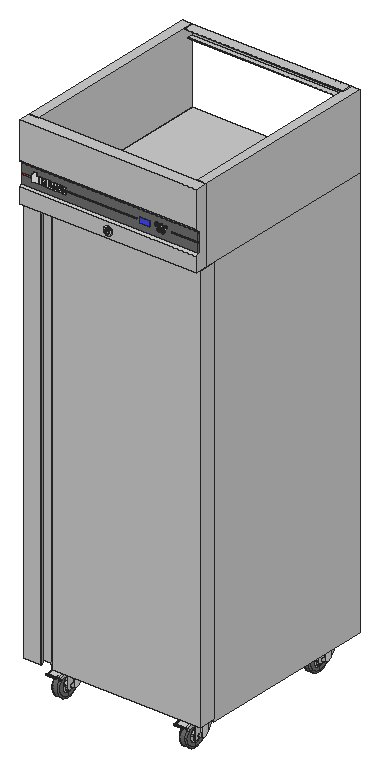
Revit family "QF_INOMAK_CAP172_250513075105", category Specialty Equipment, Revit 2021
Family settings
  Round Connector Dimension = Use Diameter
  Part Type = Normal
  OmniClass Number = 23.40.40.14
  OmniClass Title = Food Service Equipment
  Work Plane-Based = No
  Always vertical = Yes
  Cut with Voids When Loaded = No
  Shared = No
  Room Calculation Point = No
Parameters (values of type "CAP172")
  Weight [instance] = 125.00 kg
  Warranty Start Date [instance] = ""
  Warranty Duration [instance] = ""
  Volts [instance] = 230 V
  Volt Free Conn [instance] = no
  URL Recommended Spares List [instance] = ""
  URL Manufacturer [instance] = ""
  URL Cutsheet [instance] = ""
  URL Critical Spares List [instance] = ""
  URL = "www.inomak.com"
  Technical Documentation [instance] = ""
  Tag Number [instance] = ""
  Status [instance] = ""
  Start Up Current [instance] = 0 A
  Specification by User [instance] = ""
  Specification by Manufacturer [instance] = ""
  Sound Level [instance] = ""
  Show Logo [instance] = yes
  Show Clearances [instance] = yes
  Service Life Duration [instance] = ""
  Serial Number [instance] = ""
  Seismic Rating [instance] = ""
  SMACNA No [instance] = ""
  Revision Code [instance] = ""
  Revision [instance] = ""
  Production Year [instance] = ""
  Potential Equalisation [instance] = no
  Point Load [instance] = 0
  Phase [instance] = 1
  Other Equipment Approvals [instance] = ""
  Operational Current [instance] = 0 A
  Number of Poles [instance] = 2
  No Load Power Draw [instance] = no
  NAFEM Spec ID Number [instance] = ""
  Model Warning [instance] = ""
  Model = "CAP172"
  Min Ckt Ampacity [instance] = 0 A
  Max Overcurrent Protection [instance] = 10 A
  Masterspec [instance] = ""
  Manufacturer = "INOMAK"
  Main switch integrated [instance] = no
  Length Actual [instance] = 720 mm
  Item Number [instance] = ""
  Installed By [instance] = ""
  Installation Date [instance] = ""
  Identify Quantity as Lot [instance] = no
  ID [instance] = ""
  Hygiene Approval [instance] = ""
  Height Actual [instance] = 2100 mm
  HP power [instance] = ""
  Furnished By [instance] = ""
  Foodservice Equipment Identifier [instance] = no
  FL Amps [instance] = 4.5 A
  Electrical Remarks [instance] = ""
  Electric power [instance] = 560 W
  Electric Connection Type [instance] = ""
  Elec Conn RI Height [instance] = 0 mm
  Elec Conn Connection Height [instance] = 0 mm
  ETL Approved [instance] = no
  Description = "CYPRESS CHILLER CABINET WITH 1 GN 2/1 DOOR"
  Depth Actual [instance] = 868 mm
  Default Elevation = 0 mm
  Cycle [instance] = 50 Hz
  Cost = 0
  Connection to energy optimisation system [instance] = yes
  Conn Plug [instance] = ""
  Conn Conduit [instance] = no
  Centralized building control system with digital interface [instance] = ""
  CSI MasterFormat [instance] = ""
  CE Approved [instance] = no
  Barcode [instance] = 0
  Author [instance] = ""
  Asset Identifier [instance] = ""
  Apparent Power [instance] = 560 VA
  Accessory [instance] = no
Reference planes
  plane 1 "Center (Front/Back)": y = 0
  plane 2: z = 0
  plane 3 "Center (Left/Right)": x = 0
Forms (mm)
  Extrusion 1, solid, not visible
    sketch origin (590.029, -2, 1930.094) x (1, 0, 0) y (0, 1, 0)
      loop
        line (-2, 2) -> (-2, -2) -> (2, -2) -> (2, 2) -> (-2, 2)
    from -2 to 2
Dimensions and locks
  locked: Extrusion 1 to nested 2
  locked: nested 2 to Extrusion 1 at 2
  aligned and locked: level to plane 2
Nested families
  nested 1: "QF_INOMAK_REF_CABINETS_172_2920" at (0, 0, 130), type "CAP172"
    with Weight 125.00 kg, Warranty Start Date "", Warranty Duration "", URL Cutsheet "", Technical Documentation "", Tag Number "", Status "", Specification by User "", Specification by Manufacturer "", Sound Level "", Solid Fuel Type "", Show Clearances yes, Service Life Duration "", Serial Number "", Seismic Rating "", SMACNA No "", Revision Code "", Revision "", Production Year "", Point Load 0, Other Equipment Approvals "", NAFEM Spec ID Number "", Model Warning "", Masterspec "", Length Actual 720 mm, Item Number "", Installed By "", Installation Date "", Identify Quantity as Lot yes, ID "", Hygiene Approval "", Height Actual 2100 mm, Furnished By "", Foodservice Equipment Identifier yes, Finish none, ETL Approved yes, Depth Actual 868 mm, CSI MasterFormat "", CE Approved yes, Barcode "", Author "", Asset Identifier "", Accessory no
  nested 2: "CONN_POINT_ELE_2D___Generic_Annotation" at (590.029, 0, 1930.094), type "CONN_POINT_ELE_2D___Generic_Annotation"
    with Onboard connection annotation symbol visibility yes
  nested 3: "QF_INOMAK_C172-DR-RX_4567" at (0, -832, 130), type "C172-DR-RX"
    with Weight 0.00 kg, Warranty Start Date "", Warranty Duration "", URL Cutsheet "", Technical Documentation "", Tag Number "", Status "", Specification by User "", Specification by Manufacturer "", Sound Level "", Solid Fuel Type "", Show Logo yes, Show Clearances yes, Show Clearance yes, Service Life Duration "", Serial Number "", Seismic Rating "", SMACNA No "", Revision Code "", Revision "", Production Year "", Point Load 0, Other Equipment Approvals "", NAFEM Spec ID Number "", Model Warning "", Masterspec "", Length Actual 720 mm, Item Number "", Installed By "", Installation Date "", Identify Quantity as Lot yes, ID "", Hygiene Approval "", Height Actual 1982 mm, Furnished By "", Foodservice Equipment Identifier yes, Finish none, ETL Approved yes, Depth Actual 70 mm, CSI MasterFormat "", CE Approved yes, Barcode "", Author "", Asset Identifier "", Accessory yes
  nested 4: "QF_INOMAK_CASTORS_5439" at (0, 0, 0), type "CT-720-830"
    with Weight 0.00 kg, Warranty Start Date "", Warranty Duration "", URL Cutsheet "", Technical Documentation "", Tag Number "", Status "", Specification by User "", Specification by Manufacturer "", Sound Level "", Solid Fuel Type "", Show Logo yes, Show Clearances yes, Service Life Duration "", Serial Number "", Seismic Rating "", SMACNA No "", Revision Code "", Revision "", Production Year "", Point Load 0, Other Equipment Approvals "", NAFEM Spec ID Number "", Model Warning "", Masterspec "", Length Actual 720 mm, Item Number "", Installed By "", Installation Date "", Identify Quantity as Lot yes, ID "", Hygiene Approval "", Height Actual 130 mm, Furnished By "", Foodservice Equipment Identifier yes, ETL Approved yes, Depth Actual 830 mm, CSI MasterFormat "", CE Approved yes, Barcode "", Author "", Asset Identifier "", Accessory yes
Connectors
  electrical at (590.029, 0, 1930.094), driven by "Apparent Power", driven by "Number of Poles", driven by "Volts"
    settings: on Extrusion 1, index 1, voltage 230 V, apparent load 0 VA, apparent load phase1 560 VA, apparent load phase2 0 VA, apparent load phase3 0 VA, power factor 1, load classification "Other", number of poles 2, system type 31, power factor state 1, is connector primary yes, connector utility no, sub classification motor no, connector description "Electrical connection for CAP172"
Definition of nested family "QF_INOMAK_REF_CABINETS_172_2920"
  Parameters (values of type "CAP172-GL")
    Weight [instance] = 0.00 kg
    Warranty Start Date [instance] = ""
    Warranty Duration [instance] = ""
    URL Cutsheet [instance] = ""
    URL = "www.inomak.com"
    Technical Documentation [instance] = ""
    Tag Number [instance] = ""
    Status [instance] = ""
    Specification by User [instance] = ""
    Specification by Manufacturer [instance] = ""
    Sound Level [instance] = ""
    Solid Fuel Type [instance] = ""
    Show Logo = yes
    Show Clearances [instance] = yes
    Service Life Duration [instance] = ""
    Serial Number [instance] = ""
    Seismic Rating [instance] = ""
    SMACNA No [instance] = ""
    Revision Code [instance] = ""
    Revision [instance] = ""
    Production Year [instance] = ""
    Point Load [instance] = 0
    Other Equipment Approvals [instance] = ""
    NAFEM Spec ID Number [instance] = ""
    Model Warning [instance] = ""
    Model = "CAP172/GL"
    Masterspec [instance] = ""
    Manufacturer = "INOMAK"
    Length Actual [instance] = 0 mm
    Length = 720 mm
    Item Number [instance] = ""
    Installed By [instance] = ""
    Installation Date [instance] = ""
    Identify Quantity as Lot [instance] = yes
    ID [instance] = ""
    Hygiene Approval [instance] = ""
    Height Actual [instance] = 0 mm
    Height = 1985 mm
    Furnished By [instance] = ""
    Foodservice Equipment Identifier [instance] = yes
    Finish [instance] = none
    ETL Approved [instance] = yes
    Description = "PRUNUS CHILLER CABINET WITH 1 GN 2/1 GLASS DOOR"
    Depth Actual [instance] = 0 mm
    Depth = 824 mm
    Default Elevation = 0 mm
    CSI MasterFormat [instance] = ""
    CE Approved [instance] = yes
    Barcode [instance] = ""
    Author [instance] = ""
    Asset Identifier [instance] = ""
    Assembly Code = "E1090320"
    Accessory [instance] = yes
  Types (8, lengths in mm): name | Model | Description | Depth
    CAP172 | "CAP172" | "CYPRESS CHILLER CABINET WITH 1 GN 2/1 DOOR" | 832
    CAP172-GL | "CAP172/GL" | "PRUNUS CHILLER CABINET WITH 1 GN 2/1 GLASS DOOR" | 824
    CBP172-GL | "CBP172/GL" | "PRUNUS FREEZER CABINET WITH 1 GN 2/1 GLASS DOOR" | 824
    CBP172 | "CBP172" | "CASTANEA FREEZER CABINET WITH 1 GN 2/1 DOOR" | 832
    CAP172-SL | "CAP172/SL" | "CLOVER CHILLER CABINET WITH 1 DOOR, COMPACT DIMENSIONS" | 732
    CBP172-SL | "CBP172/SL" | "CLOVER FREEZER CABINET WITH 1 DOOR, COMPACT DIMENSIONS" | 732
    CAP172-SL-GL | "CAP172/SL/GL" | "PRUNUS CHILLER CABINET WITH 1 GLASS DOOR, COMPACT DIMENSIONS" | 724
    CBP172-SL-GL | "CBP172/SL/GL" | "PRUNUS FREEZER CABINET WITH 1 GLASS DOOR, COMPACT DIMENSIONS" | 724
  Reference planes
    plane 1 "Back": y = 0
    plane 2: z = 0
    plane 3 "Left": x = 0
    plane 4 "Right": x = 720
    plane 5 "Front": y = -824
    plane 6 "Top": z = 1985
  Forms (mm)
    Extrusion 1, solid
      sketch origin (-1732.685, -824, 3995) x (-1, 0, 0) y (0, 0, 1)
        loop
          circle (-2284.815, -2199.02) r 6.965
        loop
          circle (-2301.846, -2199.02) r 6.965
        loop
          circle (-2318.855, -2199.02) r 6.965
        loop
          circle (-2293.341, -2217.021) r 6.965
        loop
          circle (-2310.35, -2217.021) r 6.965
        loop
          circle (-2284.815, -2199.02) r 3.965
        loop
          circle (-2301.846, -2199.02) r 3.965
        loop
          circle (-2318.855, -2199.02) r 3.965
        loop
          circle (-2293.341, -2217.021) r 3.965
        loop
          circle (-2310.35, -2217.021) r 3.965
      from 7.3 to 10.302
    Extrusion 2, solid
      sketch origin (-1732.685, -824, 3995) x (-1, 0, 0) y (0, 0, 1)
        loop
          line (-2257.026, -2195.289) -> (-2257.026, -2218.289) -> (-2217.026, -2218.289) -> (-2217.026, -2195.289) -> (-2257.026, -2195.289)
      from 7.3 to 10.302
    Extrusion 3, solid
      sketch origin (-1732.685, -824, 3995) x (-1, 0, 0) y (0, 0, 1)
        loop
          line (-1732.685, -2167.27) -> (-2452.685, -2167.27) -> (-2452.685, -2246.309) -> (-1732.685, -2246.309) -> (-1732.685, -2167.27)
      from 7.8 to 10.302
    Extrusion 4, solid, visible <- "Show Logo"
      sketch origin (-1732.685, -824, 3995) x (-1, 0, 0) y (0, 0, 1)
        loop
          line (-1776.745, -2194.74) -> (-1782.745, -2194.74) -> (-1782.745, -2183.633) -> (-1796.982, -2183.633) -> (-1796.982, -2194.74) -> (-1802.982, -2194.74) -> (-1802.982, -2220.99) -> (-1776.745, -2220.99) -> (-1776.745, -2194.74)
        loop
          line (-1807.298, -2195.052) -> (-1814.587, -2195.052) -> (-1814.587, -2220.99) -> (-1807.298, -2220.99) -> (-1807.298, -2195.052)
        loop
          line (-1817.107, -2220.99) -> (-1817.107, -2195.052) -> (-1823.94, -2195.052) -> (-1827.134, -2206.971) -> (-1827.134, -2195.052) -> (-1833.666, -2195.052) -> (-1833.666, -2220.99) -> (-1827.134, -2220.99) -> (-1823.42, -2207.127) -> (-1823.42, -2220.99) -> (-1817.107, -2220.99)
        loop
          line (-1854.348, -2220.99) -> (-1854.348, -2195.052) -> (-1863.311, -2195.052) -> (-1865.673, -2209.062) -> (-1868.035, -2195.052) -> (-1876.997, -2195.052) -> (-1876.997, -2220.99) -> (-1870.372, -2220.99) -> (-1870.372, -2207.127) -> (-1868.035, -2220.99) -> (-1863.311, -2220.99) -> (-1860.973, -2207.127) -> (-1860.973, -2220.99) -> (-1854.348, -2220.99)
        loop
          line (-1839.536, -2195.052) -> (-1848.861, -2195.052)
          arc (-1848.861, -2195.052) -> (-1851.458, -2196.128) -> (-1852.533, -2198.724) r 3.672
          line (-1852.533, -2198.724) -> (-1852.533, -2217.318)
          arc (-1852.533, -2217.318) -> (-1851.458, -2219.914) -> (-1848.861, -2220.99) r 3.672
          line (-1848.861, -2220.99) -> (-1839.536, -2220.99)
          arc (-1839.536, -2220.99) -> (-1836.939, -2219.914) -> (-1835.864, -2217.318) r 3.672
          line (-1835.864, -2217.318) -> (-1835.864, -2198.724)
          arc (-1835.864, -2198.724) -> (-1836.939, -2196.128) -> (-1839.536, -2195.052) r 3.672
        loop
          arc (-1843.172, -2198.208) -> (-1844.198, -2197.181) -> (-1845.225, -2198.208) r 1.027
          line (-1845.225, -2198.208) -> (-1845.225, -2216.801)
          arc (-1845.225, -2216.801) -> (-1844.198, -2217.828) -> (-1843.172, -2216.801) r 1.027
          line (-1843.172, -2216.801) -> (-1843.172, -2198.208)
        loop
          line (-1878.066, -2220.99) -> (-1882.439, -2195.052) -> (-1891.3, -2195.052) -> (-1895.673, -2220.99) -> (-1889.146, -2220.99) -> (-1888.536, -2216.027) -> (-1885.203, -2216.027) -> (-1884.593, -2220.99) -> (-1878.066, -2220.99)
        loop
          line (-1885.759, -2211.498) -> (-1886.87, -2202.452) -> (-1887.98, -2211.498) -> (-1885.759, -2211.498)
        loop
          line (-1896.638, -2220.99) -> (-1896.638, -2195.052) -> (-1903.263, -2195.052) -> (-1903.263, -2204.165) -> (-1906.049, -2195.052) -> (-1913.487, -2195.052) -> (-1909.159, -2206.329) -> (-1914.207, -2220.99) -> (-1906.623, -2220.99) -> (-1903.263, -2208.45) -> (-1903.263, -2220.99) -> (-1896.638, -2220.99)
      from 7.3 to 10.3
    Extrusion 5, solid
      sketch origin (-1732.685, -824, 3995) x (-1, 0, 0) y (0, 0, 1)
        loop
          line (-1732.685, -2204.789) -> (-1769.679, -2204.789) -> (-1769.679, -2208.789) -> (-1732.685, -2208.789) -> (-1732.685, -2204.789)
        loop
          line (-1918.161, -2204.789) -> (-2202.526, -2204.789) -> (-2202.526, -2208.789) -> (-1918.161, -2208.789) -> (-1918.161, -2204.789)
        loop
          line (-2452.685, -2204.789) -> (-2452.685, -2208.789) -> (-2344.916, -2208.789) -> (-2344.916, -2204.789) -> (-2452.685, -2204.789)
      from 7.3 to 10.302
    Extrusion 6, solid, material <- "Finish"
      sketch origin (0, 24.612, -1982) x (0, 1, 0) y (0, 0, 1)
        loop
          line (-848.612, 3967) -> (-848.612, 3818.032) -> (-840.31, 3809.73) -> (-840.31, 3730.691) -> (-848.612, 3722.389) -> (-848.612, 3662) -> (-798.612, 3662) -> (-798.612, 3967) -> (-848.612, 3967)
      from 0 to 720
    Extrusion 7, solid, material <- "Finish"
      sketch origin (0, 0, 1985) x (0, 1, 0) y (-1, 0, 0)
        loop
          line (-774, 0) -> (-774, -35) -> (0, -35) -> (0, 0) -> (-774, 0)
      from 0 to -305
    Extrusion 8, solid, material <- "Finish"
      sketch origin (0, 0, 1985) x (0, 1, 0) y (-1, 0, 0)
        loop
          line (-774, -720) -> (0, -720) -> (0, -685) -> (-774, -685) -> (-774, -720)
      from 0 to -305
    Extrusion 9, solid, material <- "Finish"
      sketch origin (0, 24.612, -1987) x (0, 1, 0) y (0, 0, 1)
        loop
          line (-798.612, 3863.915) -> (-798.612, 3667) -> (-678.934, 3667) -> (-678.934, 3744.237) -> (-798.612, 3863.915)
      from 35 to 685
    Extrusion 10, solid, material <- "Finish"
      sketch origin (0, 24.612, -123) x (0, 1, 0) y (0, 0, 1)
        loop
          line (-675.378, 1910.946) -> (-690.935, 1926.502) -> (-709.143, 1908.294) -> (-707.729, 1906.88) -> (-690.935, 1923.674) -> (-676.793, 1909.532) -> (-675.378, 1910.946)
      from 114.953 to 225
    Extrusion 11, solid, material <- "Finish"
      sketch origin (394.212, 24.612, -123) x (0, 1, 0) y (0, 0, 1)
        loop
          line (-675.378, 1910.946) -> (-690.935, 1926.502) -> (-709.143, 1908.294) -> (-707.729, 1906.88) -> (-690.935, 1923.674) -> (-676.793, 1909.532) -> (-675.378, 1910.946)
      from 114.953 to 225
    Extrusion 12, solid, material <- "Finish"
      sketch origin (0, 30.903, -1982) x (0, 1, 0) y (0, 0, 1)
        loop
          line (-30.903, 3967) -> (-70.903, 3967) -> (-70.903, 3965) -> (-32.903, 3965) -> (-32.903, 3929) -> (-55.903, 3929) -> (-55.903, 3927) -> (-30.903, 3927) -> (-30.903, 3967)
      from 35 to 685
    Extrusion 13, solid, material <- "Finish"
      sketch origin (0, 30.903, -118) x (0, 1, 0) y (0, 0, 1)
        loop
          line (-30.903, 1798) -> (-764.903, 1798) -> (-764.903, 1733) -> (-100.876, 1733) -> (-100.876, 191) -> (-764.903, 191) -> (-764.903, 118) -> (-30.903, 118) -> (-30.903, 1798)
      from 35 to 685
    Extrusion 14, solid, material <- "Finish"
      sketch origin (0, 0, 0) x (1, 0, 0) y (0, 1, 0)
        loop
          line (0, -734) -> (35, -734) -> (35, 0) -> (0, 0) -> (0, -734)
      from 0 to 1680
    Extrusion 15, solid, material <- "Finish"
      sketch origin (0, 0, 0) x (1, 0, 0) y (0, 1, 0)
        loop
          line (720, -734) -> (720, 0) -> (685, 0) -> (685, -734) -> (720, -734)
      from 0 to 1680
    Revolve 16, solid
      sketch origin (358.942, 24.612, -1987) x (0, 1, 0) y (0, 0, 1)
        loop
          line (-851.012, 3694.152) -> (-848.612, 3694.152) -> (-848.612, 3711.145) -> (-849.612, 3711.145) -> (-853.012, 3706.633) -> (-853.012, 3702.998) -> (-851.012, 3702.998) -> (-851.012, 3694.152)
        axis (-848.612, 3694.152) -> (-853.012, 3694.152)
      angle from 0 to 360
    Extrusion 17, solid
      sketch origin (-1732.685, -824, 3995) x (-1, 0, 0) y (0, 0, 1)
        loop
          line (-2090.827, -2284.348) -> (-2092.827, -2284.348) -> (-2092.827, -2291.348) -> (-2090.827, -2291.348) -> (-2090.827, -2284.348)
        loop
          circle (-2091.627, -2287.848) r 7.846
      from -4.4 to -2.4
    Extrusion 18, solid, material <- "Finish"
      sketch origin (0, 30.903, -118) x (1, 0, 0) y (0, 1, 0)
        loop
          line (187, 5.097) -> (187, -29.903) -> (175, -29.903) -> (175, -30.903) -> (545, -30.903) -> (545, -29.903) -> (533, -29.903) -> (533, 5.097) -> (187, 5.097)
      from 1156 to 1531
    Extrusion 19, solid, material <- "Finish"
      sketch origin (100, 30.903, -118) x (1, 0, 0) y (0, 1, 0)
        loop
          line (339, 0.097) -> (339, -29.903) -> (325, -29.903) -> (325, -30.903) -> (340, -30.903) -> (340, -0.903) -> (393, -0.903) -> (393, -30.903) -> (408, -30.903) -> (408, -29.903) -> (394, -29.903) -> (394, 0.097) -> (339, 0.097)
      from 1531 to 1793
  Lines and regions (mm)
    symbolic lines
      curve 1: line (0, 0, 0) -> (720, 0, 0)
      curve 2: line (0, -824, 0) -> (0, 0, 0)
      curve 3: line (720, -824, 0) -> (0, -824, 0)
      curve 4: line (720, 0, 0) -> (720, -824, 0)
      curve 5: line (187, 1, 0) -> (187, 36, 0)
      curve 6: line (187, 36, 0) -> (533, 36, 0)
      curve 7: line (533, 36, 0) -> (533, 1, 0)
      curve 8: line (35, 0, 0) -> (35, -774, 0)
      curve 9: line (35, -774, 0) -> (685, -774, 0)
      curve 10: line (685, -774, 0) -> (685, 0, 0)
      curve 11: line (35, -40, 0) -> (685, -40, 0)
      curve 12: line (35, -654.322, 0) -> (685, -654.322, 0)
      curve 13: line (187, 1, 0) -> (175, 1, 0)
      curve 14: line (175, 1, 0) -> (175, 0, 0)
      curve 15: line (533, 1, 0) -> (545, 1, 0)
      curve 16: line (545, 1, 0) -> (545, 0, 0)
      curve 17: line (425, 0, 0) -> (425, 1, 0)
      curve 18: line (425, 1, 0) -> (439, 1, 0)
      curve 19: line (439, 1, 0) -> (439, 31, 0)
      curve 20: line (439, 31, 0) -> (494, 31, 0)
      curve 21: line (494, 31, 0) -> (494, 1, 0)
      curve 22: line (494, 1, 0) -> (508, 1, 0)
      curve 23: line (508, 1, 0) -> (508, 0, 0)
  Dimensions and locks
    plane 3 "Left" to plane 4 "Right" = 720 mm
    "Depth": plane 5 "Front" to plane 1 "Back"
    "Height": plane 6 "Top" to level
    plane 6 "Top" to level = 1985 mm
    aligned and locked: level to plane 2
  Automatic sketch dimensions
    Extrusion 1 sketch curve to Extrusion 1 sketch curve = 0 mm  (x13)
    plane 4 "Right" to Extrusion 1 sketch curve = 133.83 mm
    Extrusion 1 sketch curve to Extrusion 1 sketch curve = 8.505 mm
    Extrusion 1 sketch curve to Extrusion 1 sketch curve = 17.009 mm  (x2)
    Extrusion 1 sketch curve to Extrusion 1 sketch curve = 17.03 mm
    Extrusion 1 sketch curve to plane 6 "Top" = 207.021 mm
    Extrusion 1 sketch curve to Extrusion 1 sketch curve = 18.001 mm
    plane 4 "Right" to Extrusion 2 sketch curve = 195.659 mm
    Extrusion 2 sketch curve to Extrusion 2 sketch curve = 40 mm
    Extrusion 2 sketch curve to plane 6 "Top" = 208.289 mm
    Extrusion 2 sketch curve to Extrusion 2 sketch curve = 23 mm
    plane 4 "Right" to Extrusion 3 sketch curve = 0 mm
    Extrusion 3 sketch curve to plane 3 "Left" = 0 mm
    Extrusion 3 sketch curve to plane 6 "Top" = 236.309 mm
    Extrusion 3 sketch curve to Extrusion 3 sketch curve = 79.039 mm
    plane 3 "Left" to Extrusion 4 sketch curve = 181.522 mm
    Extrusion 4 sketch curve to Extrusion 4 sketch curve = 0.72 mm
    Extrusion 4 sketch curve to Extrusion 4 sketch curve = 4.329 mm
    Extrusion 4 sketch curve to Extrusion 4 sketch curve = 7.584 mm
    Extrusion 4 sketch curve to Extrusion 4 sketch curve = 7.438 mm
    Extrusion 4 sketch curve to Extrusion 4 sketch curve = 5.895 mm
    Extrusion 4 sketch curve to Extrusion 4 sketch curve = 0 mm  (x16)
    Extrusion 4 sketch curve to Extrusion 4 sketch curve = 6.625 mm  (x2)
    Extrusion 4 sketch curve to Extrusion 4 sketch curve = 0.965 mm
    Extrusion 4 sketch curve to Extrusion 4 sketch curve = 5.338 mm
    Extrusion 4 sketch curve to Extrusion 4 sketch curve = 6.527 mm  (x2)
    Extrusion 4 sketch curve to Extrusion 4 sketch curve = 0.609 mm
    Extrusion 4 sketch curve to Extrusion 4 sketch curve = 0.556 mm
    Extrusion 4 sketch curve to Extrusion 4 sketch curve = 4.43 mm  (x2)
    Extrusion 4 sketch curve to Extrusion 4 sketch curve = 2.222 mm
    Extrusion 4 sketch curve to Extrusion 4 sketch curve = 3.334 mm
    Extrusion 4 sketch curve to Extrusion 4 sketch curve = 4.552 mm
    Extrusion 4 sketch curve to Extrusion 4 sketch curve = 1.069 mm
    Extrusion 4 sketch curve to Extrusion 4 sketch curve = 8.962 mm  (x2)
    Extrusion 4 sketch curve to Extrusion 4 sketch curve = 2.337 mm
    Extrusion 4 sketch curve to Extrusion 4 sketch curve = 4.699 mm  (x2)
    Extrusion 4 sketch curve to Extrusion 4 sketch curve = 4.724 mm  (x2)
    Extrusion 4 sketch curve to Extrusion 4 sketch curve = 1.815 mm
    Extrusion 4 sketch curve to Extrusion 4 sketch curve = 3.672 mm  (x6)
    Extrusion 4 sketch curve to Extrusion 4 sketch curve = 3.636 mm  (x3)
    Extrusion 4 sketch curve to Extrusion 4 sketch curve = 1.027 mm
    Extrusion 4 sketch curve to Extrusion 4 sketch curve = 2.197 mm
    Extrusion 4 sketch curve to Extrusion 4 sketch curve = 6.532 mm  (x2)
    Extrusion 4 sketch curve to Extrusion 4 sketch curve = 3.194 mm
    Extrusion 4 sketch curve to Extrusion 4 sketch curve = 3.714 mm
    Extrusion 4 sketch curve to Extrusion 4 sketch curve = 6.312 mm
    Extrusion 4 sketch curve to Extrusion 4 sketch curve = 2.52 mm
    Extrusion 4 sketch curve to Extrusion 4 sketch curve = 7.29 mm
    Extrusion 4 sketch curve to Extrusion 4 sketch curve = 4.315 mm
    Extrusion 4 sketch curve to Extrusion 4 sketch curve = 6 mm
    Extrusion 4 sketch curve to Extrusion 4 sketch curve = 14.237 mm
    Extrusion 4 sketch curve to Extrusion 4 sketch curve = 26.237 mm
    Extrusion 4 sketch curve to plane 6 "Top" = 210.99 mm
    Extrusion 4 sketch curve to Extrusion 4 sketch curve = 0.516 mm  (x2)
    Extrusion 4 sketch curve to Extrusion 4 sketch curve = 4.963 mm
    Extrusion 4 sketch curve to Extrusion 4 sketch curve = 4.529 mm
    Extrusion 4 sketch curve to Extrusion 4 sketch curve = 11.927 mm
    Extrusion 4 sketch curve to Extrusion 4 sketch curve = 12.539 mm
    Extrusion 4 sketch curve to Extrusion 4 sketch curve = 1.935 mm  (x2)
    Extrusion 4 sketch curve to Extrusion 4 sketch curve = 13.862 mm
    Extrusion 4 sketch curve to Extrusion 4 sketch curve = 0.157 mm
    Extrusion 4 sketch curve to Extrusion 4 sketch curve = 2.122 mm
    Extrusion 4 sketch curve to Extrusion 4 sketch curve = 4.285 mm
    Extrusion 4 sketch curve to Extrusion 4 sketch curve = 9.047 mm
    Extrusion 4 sketch curve to Extrusion 4 sketch curve = 8.403 mm
    Extrusion 4 sketch curve to Extrusion 4 sketch curve = 12.075 mm
    Extrusion 4 sketch curve to Extrusion 4 sketch curve = 26.25 mm
    Extrusion 4 sketch curve to Extrusion 4 sketch curve = 0.312 mm
    Extrusion 4 sketch curve to Extrusion 4 sketch curve = 11.107 mm
    plane 4 "Right" to Extrusion 5 sketch curve = 0 mm
    Extrusion 5 sketch curve to plane 3 "Left" = 0 mm
    plane 4 "Right" to Extrusion 5 sketch curve = 107.768 mm
    Extrusion 5 sketch curve to Extrusion 5 sketch curve = 142.39 mm
    plane 3 "Left" to Extrusion 5 sketch curve = 185.476 mm
    plane 3 "Left" to Extrusion 5 sketch curve = 36.995 mm
    Extrusion 5 sketch curve to plane 6 "Top" = 198.789 mm
    Extrusion 5 sketch curve to Extrusion 5 sketch curve = 0 mm  (x2)
    Extrusion 5 sketch curve to Extrusion 5 sketch curve = 4 mm  (x3)
    Extrusion 6 sketch curve to plane 5 "Front" = 0 mm  (x2)
    Extrusion 6 sketch curve to plane 6 "Top" = 0 mm
    plane 5 "Front" to Extrusion 6 sketch curve = 8.302 mm
    Extrusion 6 sketch curve to Extrusion 6 sketch curve = 50 mm
    Extrusion 6 sketch curve to plane 6 "Top" = 148.968 mm
    Extrusion 6 sketch curve to Extrusion 6 sketch curve = 8.302 mm  (x2)
    Extrusion 6 sketch curve to Extrusion 6 sketch curve = 79.039 mm
    Extrusion 6 sketch curve to Extrusion 6 sketch curve = 60.389 mm
    Extrusion 7 sketch curve to plane 3 "Left" = 0 mm
    plane 1 "Back" to Extrusion 7 sketch curve = 0 mm
    plane 5 "Front" to Extrusion 7 sketch curve = 50 mm
    plane 3 "Left" to Extrusion 7 sketch curve = 35 mm
    Extrusion 8 sketch curve to plane 4 "Right" = 0 mm
    plane 1 "Back" to Extrusion 8 sketch curve = 0 mm
    plane 5 "Front" to Extrusion 8 sketch curve = 50 mm
    plane 4 "Right" to Extrusion 8 sketch curve = 35 mm
    plane 5 "Front" to Extrusion 9 sketch curve = 50 mm
    Extrusion 9 sketch curve to Extrusion 9 sketch curve = 119.678 mm
    Extrusion 9 sketch curve to plane 6 "Top" = 305 mm
    Extrusion 9 sketch curve to Extrusion 9 sketch curve = 77.237 mm
    Extrusion 9 sketch curve to plane 6 "Top" = 108.085 mm
    plane 5 "Front" to Extrusion 10 sketch curve = 139.47 mm
    Extrusion 10 sketch curve to Extrusion 10 sketch curve = 1.414 mm  (x2)
    Extrusion 10 sketch curve to Extrusion 10 sketch curve = 16.794 mm
    Extrusion 10 sketch curve to Extrusion 10 sketch curve = 0 mm
    Extrusion 10 sketch curve to Extrusion 10 sketch curve = 14.142 mm
    Extrusion 10 sketch curve to plane 6 "Top" = 201.12 mm
    plane 5 "Front" to Extrusion 11 sketch curve = 139.47 mm
    Extrusion 11 sketch curve to Extrusion 11 sketch curve = 1.414 mm  (x2)
    Extrusion 11 sketch curve to Extrusion 11 sketch curve = 16.794 mm
    Extrusion 11 sketch curve to Extrusion 11 sketch curve = 0 mm
    Extrusion 11 sketch curve to Extrusion 11 sketch curve = 14.142 mm
    Extrusion 11 sketch curve to plane 6 "Top" = 201.12 mm
    Extrusion 12 sketch curve to plane 6 "Top" = 0 mm
    Extrusion 12 sketch curve to plane 1 "Back" = 0 mm
    plane 1 "Back" to Extrusion 12 sketch curve = 2 mm
    Extrusion 12 sketch curve to Extrusion 12 sketch curve = 23 mm
    Extrusion 12 sketch curve to Extrusion 12 sketch curve = 38 mm
    Extrusion 12 sketch curve to plane 6 "Top" = 2 mm
    Extrusion 12 sketch curve to Extrusion 12 sketch curve = 36 mm
    Extrusion 12 sketch curve to Extrusion 12 sketch curve = 2 mm
    Extrusion 13 sketch curve to level = 0 mm
    Extrusion 13 sketch curve to plane 1 "Back" = 0 mm
    plane 1 "Back" to Extrusion 13 sketch curve = 69.973 mm
    plane 5 "Front" to Extrusion 13 sketch curve = 90 mm  (x2)
    level to Extrusion 13 sketch curve = 73 mm
    Extrusion 13 sketch curve to plane 6 "Top" = 370 mm
    Extrusion 13 sketch curve to Extrusion 13 sketch curve = 65 mm
    plane 1 "Back" to Extrusion 14 sketch curve = 0 mm
    Extrusion 14 sketch curve to plane 3 "Left" = 0 mm
    plane 3 "Left" to Extrusion 14 sketch curve = 35 mm
    plane 5 "Front" to Extrusion 14 sketch curve = 90 mm
    plane 1 "Back" to Extrusion 15 sketch curve = 0 mm
    Extrusion 15 sketch curve to plane 4 "Right" = 0 mm
    Extrusion 15 sketch curve to Extrusion 15 sketch curve = 35 mm
    plane 5 "Front" to Extrusion 15 sketch curve = 90 mm
    Revolve 16 sketch curve to plane 5 "Front" = 0 mm
    Revolve 16 sketch curve to plane 5 "Front" = 1 mm
    Revolve 16 sketch curve to plane 5 "Front" = 2.4 mm
    Revolve 16 sketch curve to Revolve 16 sketch curve = 2 mm
    Revolve 16 sketch curve to plane 6 "Top" = 277.848 mm
    Revolve 16 sketch curve to Revolve 16 sketch curve = 8.846 mm
    Revolve 16 sketch curve to Revolve 16 sketch curve = 3.635 mm
    Revolve 16 sketch curve to Revolve 16 sketch curve = 4.512 mm
    Revolve 16 sketch curve to Revolve 16 sketch curve = 0 mm  (x2)
    Revolve 16 sketch curve to Revolve 16 sketch curve = 4.096 mm
    plane 4 "Right" to Extrusion 17 sketch curve = 359.858 mm
    Extrusion 17 sketch curve to Extrusion 17 sketch curve = 1.2 mm
    Extrusion 17 sketch curve to Extrusion 17 sketch curve = 2 mm
    Extrusion 17 sketch curve to plane 6 "Top" = 281.348 mm
    Extrusion 17 sketch curve to Extrusion 17 sketch curve = 3.5 mm  (x2)
    plane 1 "Back" to Extrusion 18 sketch curve = 0 mm
    Extrusion 18 sketch curve to plane 1 "Back" = 1 mm  (x2)
    plane 3 "Left" to Extrusion 18 sketch curve = 175 mm
    Extrusion 18 sketch curve to Extrusion 18 sketch curve = 12 mm  (x2)
    Extrusion 18 sketch curve to plane 1 "Back" = 36 mm
    plane 4 "Right" to Extrusion 18 sketch curve = 187 mm
    plane 1 "Back" to Extrusion 19 sketch curve = 0 mm  (x2)
    Extrusion 19 sketch curve to plane 1 "Back" = 1 mm  (x2)
    plane 3 "Left" to Extrusion 19 sketch curve = 425 mm
    Extrusion 19 sketch curve to Extrusion 19 sketch curve = 14 mm  (x2)
    Extrusion 19 sketch curve to plane 1 "Back" = 31 mm
    plane 4 "Right" to Extrusion 19 sketch curve = 226 mm
    Extrusion 19 sketch curve to Extrusion 19 sketch curve = 1 mm  (x3)
    curve 3 to plane 3 "Left" = 0 mm
    plane 1 "Back" to curve 8 = 0 mm
    curve 3 to plane 4 "Right" = 0 mm
    curve 4 to plane 5 "Front" = 0 mm
    plane 3 "Left" to curve 9 = 35 mm
    curve 14 to plane 1 "Back" = 1 mm
    curve 8 to curve 14 = 140 mm
    curve 13 to curve 13 = 12 mm
    curve 17 to plane 1 "Back" = 1 mm
    curve 5 to curve 17 = 238 mm
    curve 17 to curve 19 = 14 mm
    curve 19 to curve 21 = 55 mm
    curve 20 to curve 7 = 39 mm
    curve 15 to plane 1 "Back" = 1 mm
    curve 7 to curve 15 = 12 mm
    plane 4 "Right" to curve 9 = 35 mm
    plane 5 "Front" to curve 9 = 50 mm
    curve 22 to plane 1 "Back" = 1 mm
    curve 18 to curve 20 = 30 mm
    curve 7 to curve 6 = 35 mm
    curve 21 to curve 22 = 14 mm
    curve 9 to curve 12 = 119.678 mm
    plane 1 "Back" to curve 11 = 40 mm
    radius of Extrusion 1 sketch curve = 6.965 mm  (x5)
    radius of Extrusion 1 sketch curve = 3.965 mm  (x5)
    radius of Extrusion 17 sketch curve = 7.846 mm
Definition of nested family "QF_INOMAK_C172-DR-RX_4567"
  Parameters (values of type "C172-DR-RX")
    Weight [instance] = 0.00 kg
    Warranty Start Date [instance] = ""
    Warranty Duration [instance] = ""
    URL Cutsheet [instance] = ""
    URL = "www.inomak.com"
    Technical Documentation [instance] = ""
    Tag Number [instance] = ""
    Status [instance] = ""
    Specification by User [instance] = ""
    Specification by Manufacturer [instance] = ""
    Sound Level [instance] = ""
    Solid Fuel Type [instance] = ""
    Show Logo [instance] = yes
    Show Clearances [instance] = yes
    Show Clearance [instance] = yes
    Service Life Duration [instance] = ""
    Serial Number [instance] = ""
    Seismic Rating [instance] = ""
    SMACNA No [instance] = ""
    Revision Code [instance] = ""
    Revision [instance] = ""
    Production Year [instance] = ""
    Point Load [instance] = 0
    Other Equipment Approvals [instance] = ""
    NAFEM Spec ID Number [instance] = ""
    Model Warning [instance] = ""
    Model = "C172-DR-RX"
    Masterspec [instance] = ""
    Manufacturer = "INOMAK"
    Length Actual [instance] = 0 mm
    Item Number [instance] = ""
    Installed By [instance] = ""
    Installation Date [instance] = ""
    Identify Quantity as Lot [instance] = yes
    ID [instance] = ""
    Hygiene Approval [instance] = ""
    Height Actual [instance] = 0 mm
    Furnished By [instance] = ""
    Foodservice Equipment Identifier [instance] = yes
    Finish [instance] = none
    ETL Approved [instance] = yes
    Description = "RIGHT HINGED DOOR"
    Depth Actual [instance] = 0 mm
    Default Elevation = 0 mm
    CSI MasterFormat [instance] = ""
    CE Approved [instance] = yes
    Barcode [instance] = ""
    Author [instance] = ""
    Asset Identifier [instance] = ""
    Assembly Code = "E1090320"
    Accessory [instance] = yes
  Reference planes
    plane 1 "Back": y = 0
    plane 2: z = 0
    plane 3 "Left": x = 0
    plane 4 "Right": x = 720
    plane 5 "Front": y = 90
    plane 6 "Top": z = 1682
  Forms (mm)
    Extrusion 1, solid, visible <- "Show Clearance", detail levels coarse
      sketch origin (-154.804, 650, -18) x (1, 0, 0) y (0, 1, 0)
        loop
          line (874.804, -1300) -> (874.804, -630) -> (154.804, -630)
          arc (154.804, -630) -> (341.042, -1099.619) -> (804.804, -1300) r 660.076
          line (804.804, -1300) -> (874.804, -1300)
      from 28 to 1695
    Extrusion 2, solid, material <- "Finish"
      sketch origin (692, 81.553, 1286.729) x (0, 1, 0) y (-1, 0, 0)
        loop
          line (-61.553, -28) -> (8.447, -28) -> (8.447, 692) -> (-61.553, 692) -> (-61.553, 622.228)
          arc (-61.553, 622.228) -> (-60.614, 620.603) -> (-58.737, 620.603) r 1.877
          line (-58.737, 620.603) -> (-49.238, 626.088) -> (-45.56, 652.255) -> (-31.678, 650.304) -> (-31.678, 605.437) -> (-61.553, 575.562) -> (-61.553, -28)
      from -1276.729 to 390.271
  Lines and regions (mm)
    symbolic lines, visible <- "Show Clearance"
      curve 1: line (650, -650, 0) -> (720, -650, 0)
      curve 2: line (720, -650, 0) -> (720, 0, 0)
      curve 3: arc (0, 0, 0) -> (193.256, -456.744, 0) -> (650, -650, 0) r 660.076
  Dimensions and locks
    plane 3 "Left" to plane 4 "Right" = 720 mm
    plane 1 "Back" to plane 5 "Front" = 90 mm
    plane 6 "Top" to plane 2 = 1682 mm
    aligned and locked: level to plane 2
Definition of nested family "QF_INOMAK_CASTORS_5439"
  Parameters (values of type "CT-1105-600")
    Weight [instance] = 0.00 kg
    Warranty Start Date [instance] = ""
    Warranty Duration [instance] = ""
    URL Cutsheet [instance] = ""
    URL = "www.inomak.com"
    Technical Documentation [instance] = ""
    Tag Number [instance] = ""
    Status [instance] = ""
    Specification by User [instance] = ""
    Specification by Manufacturer [instance] = ""
    Sound Level [instance] = ""
    Solid Fuel Type [instance] = ""
    Show Logo [instance] = yes
    Show Clearances [instance] = yes
    Service Life Duration [instance] = ""
    Serial Number [instance] = ""
    Seismic Rating [instance] = ""
    SMACNA No [instance] = ""
    Right offset = 300 mm
    Revision Code [instance] = ""
    Revision [instance] = ""
    Rear offset = 60 mm
    Production Year [instance] = ""
    Point Load [instance] = 0
    Other Equipment Approvals [instance] = ""
    NAFEM Spec ID Number [instance] = ""
    Model Warning [instance] = ""
    Model = "CT"
    Masterspec [instance] = ""
    Manufacturer = "INOMAK"
    Length Actual [instance] = 0 mm
    Length = 1103 mm
    Left offset = 60 mm
    Item Number [instance] = ""
    Installed By [instance] = ""
    Installation Date [instance] = ""
    Identify Quantity as Lot [instance] = yes
    ID [instance] = ""
    Hygiene Approval [instance] = ""
    Height Actual [instance] = 0 mm
    Height = 130 mm
    Furnished By [instance] = ""
    Front offset = 150 mm
    Foodservice Equipment Identifier [instance] = yes
    ETL Approved [instance] = yes
    Description = "WHEELS"
    Depth Actual [instance] = 0 mm
    Depth = 600 mm
    Default Elevation = 0 mm
    CentralLegs = if(Length > 1900 mm, 2 > 1, 2 < 1)  # no
    CSI MasterFormat [instance] = ""
    CE Approved [instance] = yes
    Barcode [instance] = ""
    Author [instance] = ""
    Asset Identifier [instance] = ""
    Assembly Code = "E1090320"
    Accessory [instance] = yes
  Types (12, lengths in mm): name | Right offset | Rear offset | Length | Left offset | Front offset | Depth | CentralLegs
    CT-720-830 | 100 | 60 | 720 | 100 | 140 | 830 | no
    CT-1105-700 | 300 | 60 | 1103 | 60 | 150 | 700 | no
    CT-1440-730 | 100 | 60 | 1440 | 100 | 140 | 730 | no
    CT-720-730 | 100 | 60 | 720 | 100 | 140 | 730 | no
    CT-1410-700 | 60 | 90 | 1406 | 60 | 150 | 700 | no
    CT-1795-700 | 60 | 90 | 1792 | 60 | 150 | 700 | no
    CT-1440-830 | 100 | 60 | 1440 | 100 | 140 | 830 | no
    CT-1545-700 | 300 | 90 | 1546 | 100 | 150 | 700 | no
    CT-1995-700 | 300 | 90 | 1996 | 100 | 150 | 700 | yes
    CT-1105-600 | 300 | 60 | 1103 | 60 | 150 | 600 | no
    CT-1545-600 | 300 | 90 | 1546 | 100 | 150 | 600 | no
    CT-1995-600 | 300 | 90 | 1996 | 100 | 150 | 600 | yes
  Reference planes
    plane 1 "Back": y = 0
    plane 2: z = 0
    plane 3 "Left": x = 0
    plane 4 "Right": x = 1103
    plane 5 "Front": y = -600
    plane 6 "Top": z = 130
    plane 7 "Left offset": x = 60
    plane 8 "Right offset": x = 803
    plane 9 "Rear offset": y = -60
    plane 10 "Front offset": y = -450
    plane 11: x = 431.5
  Dimensions and locks
    "Length": plane 3 "Left" to plane 4 "Right"
    "Depth": plane 5 "Front" to plane 1 "Back"
    "Left offset": plane 3 "Left" to plane 7 "Left offset"
    "Right offset": plane 8 "Right offset" to plane 4 "Right"
    "Rear offset": plane 9 "Rear offset" to plane 1 "Back"
    "Front offset": plane 10 "Front offset" to plane 5 "Front"
    plane 6 "Top" to level = 130 mm
    equal spacing: plane 7 "Left offset", plane 11, plane 8 "Right offset"
    aligned and locked: level to plane 2
    aligned and locked: nested 1 to plane 7 "Left offset"
    aligned and locked: nested 1 to plane 10 "Front offset"
    aligned and locked: nested 2 to plane 8 "Right offset"
    aligned and locked: nested 2 to plane 10 "Front offset"
    aligned and locked: nested 3 to plane 7 "Left offset"
    aligned and locked: nested 3 to plane 9 "Rear offset"
    aligned and locked: nested 4 to plane 8 "Right offset"
    aligned and locked: nested 4 to plane 9 "Rear offset"
    aligned and locked: nested 5 to plane 11
    aligned and locked: nested 5 to plane 10 "Front offset"
  Nested families
    nested 1: "QF_INOMAK_CASTOR_BRAKES" at (60, -450, 0), type "QF_INOMAK_CASTOR_BRAKES"
    nested 2: "QF_INOMAK_CASTOR_BRAKES" at (803, -450, 0), type "QF_INOMAK_CASTOR_BRAKES"
    nested 3: "QF_INOMAK_CASTOR" at (60, -60, 0), type "QF_INOMAK_CASTOR"
    nested 4: "QF_INOMAK_CASTOR" at (803, -60, 0), type "QF_INOMAK_CASTOR"
    nested 5: "QF_INOMAK_CASTOR_BRAKES" at (431.5, -450, 0), visible <- "CentralLegs", type "QF_INOMAK_CASTOR_BRAKES"
  Definition of nested family "QF_INOMAK_CASTOR_BRAKES"
    Parameters (values of type "QF_INOMAK_CASTOR_BRAKES")
      Default Elevation = 0 mm
    Reference planes
      plane 1 "Center (Front/Back)": y = 0
      plane 2: z = 0
      plane 3 "Center (Left/Right)": x = 0
    Forms (mm)
      Extrusion 1, solid
        sketch origin (-55, 171.5, 124.5) x (1, 0, 0) y (0, 1, 0)
          loop
            line (12.5, -214) -> (97.5, -214)
            arc (97.5, -214) -> (104.571, -211.071) -> (107.5, -204) r 10
            line (107.5, -204) -> (107.5, -139)
            arc (107.5, -139) -> (104.571, -131.929) -> (97.5, -129) r 10
            line (97.5, -129) -> (12.5, -129)
            arc (12.5, -129) -> (5.429, -131.929) -> (2.5, -139) r 10
            line (2.5, -139) -> (2.5, -204)
            arc (2.5, -204) -> (5.429, -211.071) -> (12.5, -214) r 10
        from 0 to 5.5
      Extrusion 2, solid
        sketch origin (-55, 146, 24.5) x (1, 0, 0) y (0, 1, 0)
          loop
            circle (55, -146) r 36
          loop
            circle (55, -146) r 34
        from 12 to 100
      Extrusion 3, void
        sketch origin (-37.5, 146, -28.526) x (0, 1, 0) y (0, 0, 1)
          loop
            line (-105, 63.026) -> (-105, 139.692) -> (-158.75, 68.026)
            arc (-158.75, 68.026) -> (-160.956, 66.036) -> (-163.75, 65.026) r 7.727
            line (-163.75, 65.026) -> (-175, 65.026) -> (-175, 136.026) -> (-182, 136.026) -> (-182, 63.026) -> (-105, 63.026)
        from 0 to 75
      Revolve 4, solid
        sketch origin (0, -37.5, -3.552) x (1, 0, 0) y (0, 0, 1)
          loop
            arc (10, 3.552) -> (13.536, 5.016) -> (15, 8.552) r 5
            line (15, 8.552) -> (15, 22.052) -> (-15, 22.052) -> (-15, 8.552)
            arc (-15, 8.552) -> (-13.536, 5.016) -> (-10, 3.552) r 5
            line (-10, 3.552) -> (10, 3.552)
          axis (-15, 53.552) -> (15, 53.552)
        angle from 0 to 360
      Extrusion 5, solid
        sketch origin (-21.466, 171.5, -31.526) x (0, 1, 0) y (0, 0, 1)
          loop
            line (-200.5, 68.026) -> (-200.5, 139.026) -> (-222.5, 139.026) -> (-267.507, 126.05)
            arc (-267.507, 126.05) -> (-264.51, 121.7) -> (-259.5, 120.026) r 8.333
            line (-259.5, 120.026) -> (-224.5, 120.026) -> (-224.5, 76.026)
            arc (-224.5, 76.026) -> (-222.157, 70.369) -> (-216.5, 68.026) r 8
            line (-216.5, 68.026) -> (-200.5, 68.026)
        from -3.534 to -1.534
      Extrusion 6, solid
        sketch origin (-34, 171.5, -14) x (0, 1, 0) y (0, 0, 1)
          loop
            circle (-209, 64) r 12.5
        from 11 to 57
      Revolve 7, solid
        sketch origin (-55, -37.5, -3.552) x (1, 0, 0) y (0, 0, 1)
          loop
            arc (65, 22.052) -> (61.464, 23.516) -> (60, 27.052) r 5
            line (60, 27.052) -> (60, 53.526) -> (50, 53.526) -> (50, 27.052)
            arc (50, 27.052) -> (48.536, 23.516) -> (45, 22.052) r 5
            line (45, 22.052) -> (65, 22.052)
          axis (45, 53.526) -> (65, 53.526)
        angle from 0 to 360
      Extrusion 8, solid
        sketch origin (21.466, 171.5, -31.526) x (0, 1, 0) y (0, 0, -1)
          loop
            line (-200.5, -68.026) -> (-216.5, -68.026)
            arc (-216.5, -68.026) -> (-222.157, -70.369) -> (-224.5, -76.026) r 8
            line (-224.5, -76.026) -> (-224.5, -120.026) -> (-259.5, -120.026)
            arc (-259.5, -120.026) -> (-264.51, -121.7) -> (-267.507, -126.05) r 8.333
            line (-267.507, -126.05) -> (-222.5, -139.026) -> (-200.5, -139.026) -> (-200.5, -68.026)
        from -3.534 to -1.534
      Extrusion 9, solid
        sketch origin (250, -359.196, -27.974) x (1, 0, 0) y (0, 1, 0)
          loop
            line (-275, 330.196) -> (-273, 330.196)
            arc (-273, 330.196) -> (-273.274, 332.754) -> (-274.083, 335.196) r 12.082
            line (-274.083, 335.196) -> (-276.833, 335.196)
            arc (-276.833, 335.196) -> (-275.473, 332.858) -> (-275, 330.196) r 7.737
        from 64.474 to 135.474
      Extrusion 10, solid
        sketch origin (-250, -359.196, -27.974) x (-1, 0, 0) y (0, -1, 0)
          loop
            arc (-275, -330.196) -> (-275.473, -332.858) -> (-276.833, -335.196) r 7.737
            line (-276.833, -335.196) -> (-274.083, -335.196)
            arc (-274.083, -335.196) -> (-273.274, -332.754) -> (-273, -330.196) r 12.082
            line (-273, -330.196) -> (-275, -330.196)
        from 64.474 to 135.474
      Sweep 11, solid
        path origin (0, -359.196, -27.974) x (0, 1, 0) y (0, 0, 1)
          loop
            line (338.196, 135.474) -> (308.196, 135.474) -> (263.189, 122.499)
        profile origin (0, -36, 107.5) x (0, 0, -1) y (1, 0, 0)
          loop
            arc (-4, -21) -> (-2.828, -23.828) -> (0, -25) r 4
            line (0, -25) -> (0, -23)
            arc (0, -23) -> (-1.414, -22.414) -> (-2, -21) r 2
            line (-2, -21) -> (-2, 21)
            arc (-2, 21) -> (-1.414, 22.414) -> (0, 23) r 2
            line (0, 23) -> (0, 25)
            arc (0, 25) -> (-2.828, 23.828) -> (-4, 21) r 4
            line (-4, 21) -> (-4, -21)
      Extrusion 12, solid
        sketch origin (-15, -620.032, 471.611) x (1, 0, 0) y (0, 0.809942, -0.58651)
          loop
            line (0, 640.696) -> (0, 622.696) -> (6, 617.696) -> (24, 617.696) -> (30, 622.696) -> (30, 640.696) -> (0, 640.696)
        from 0 to 2
      Extrusion 13, solid
        sketch origin (-10, -688.801, 95.837) x (0, 1, 0) y (0, 0, 1)
          loop
            line (587.696, 0) -> (592.196, -3.259)
            arc (592.196, -3.259) -> (593.446, -3.664) -> (594.696, -3.259) r 2.131
            line (594.696, -3.259) -> (604.172, 4.031) -> (598.943, 2.532) -> (594.631, -0.785)
            arc (594.631, -0.785) -> (593.44, -1.2) -> (592.238, -0.82) r 2
            line (592.238, -0.82) -> (588.869, 1.62) -> (587.696, 0)
        from 0 to 20
      Extrusion 14, solid
        sketch origin (-31, -958.08, 50) x (0, 1, 0) y (0, 0, 1)
          loop
            line (924.33, -6.495) -> (928.08, 0) -> (924.33, 6.495) -> (916.83, 6.495) -> (913.08, 0) -> (916.83, -6.495) -> (924.33, -6.495)
        from 0 to 62
    Cuts and joins
      Extrusion 3 cuts Extrusion 2
      Extrusion 3 cuts Extrusion 9
      Extrusion 3 cuts Extrusion 10
    Dimensions and locks
      aligned and locked: level to plane 2
  Definition of nested family "QF_INOMAK_CASTOR"
    Parameters (values of type "QF_INOMAK_CASTOR")
      Default Elevation = 0 mm
    Reference planes
      plane 1 "Center (Front/Back)": y = 0
      plane 2: z = 0
      plane 3 "Center (Left/Right)": x = 0
    Forms (mm)
      Extrusion 1, solid
        sketch origin (-55, 171.5, 124.5) x (1, 0, 0) y (0, 1, 0)
          loop
            line (12.5, -214) -> (97.5, -214)
            arc (97.5, -214) -> (104.571, -211.071) -> (107.5, -204) r 10
            line (107.5, -204) -> (107.5, -139)
            arc (107.5, -139) -> (104.571, -131.929) -> (97.5, -129) r 10
            line (97.5, -129) -> (12.5, -129)
            arc (12.5, -129) -> (5.429, -131.929) -> (2.5, -139) r 10
            line (2.5, -139) -> (2.5, -204)
            arc (2.5, -204) -> (5.429, -211.071) -> (12.5, -214) r 10
        from 0 to 5.5
      Extrusion 2, solid
        sketch origin (-55, 146, 24.5) x (1, 0, 0) y (0, 1, 0)
          loop
            circle (55, -146) r 36
          loop
            circle (55, -146) r 34
        from 12 to 100
      Extrusion 3, void
        sketch origin (-37.5, 146, -28.526) x (0, 1, 0) y (0, 0, 1)
          loop
            line (-105, 63.026) -> (-105, 139.692) -> (-158.75, 68.026)
            arc (-158.75, 68.026) -> (-160.956, 66.036) -> (-163.75, 65.026) r 7.727
            line (-163.75, 65.026) -> (-175, 65.026) -> (-175, 136.026) -> (-182, 136.026) -> (-182, 63.026) -> (-105, 63.026)
        from 0 to 75
      Revolve 4, solid
        sketch origin (0, -37.5, -3.552) x (1, 0, 0) y (0, 0, 1)
          loop
            arc (10, 3.552) -> (13.536, 5.016) -> (15, 8.552) r 5
            line (15, 8.552) -> (15, 22.052) -> (-15, 22.052) -> (-15, 8.552)
            arc (-15, 8.552) -> (-13.536, 5.016) -> (-10, 3.552) r 5
            line (-10, 3.552) -> (10, 3.552)
          axis (-15, 53.552) -> (15, 53.552)
        angle from 0 to 360
      Extrusion 5, solid
        sketch origin (-21.466, 171.5, -31.526) x (0, 1, 0) y (0, 0, 1)
          loop
            line (-200.5, 68.026) -> (-200.5, 139.026) -> (-224.5, 139.026) -> (-224.5, 76.026)
            arc (-224.5, 76.026) -> (-222.157, 70.369) -> (-216.5, 68.026) r 8
            line (-216.5, 68.026) -> (-200.5, 68.026)
        from -3.534 to -1.534
      Extrusion 6, solid
        sketch origin (-34, 171.5, -14) x (0, 1, 0) y (0, 0, 1)
          loop
            circle (-209, 64) r 12.5
        from 11 to 57
      Revolve 7, solid
        sketch origin (-55, -37.5, -3.552) x (1, 0, 0) y (0, 0, 1)
          loop
            arc (65, 22.052) -> (61.464, 23.516) -> (60, 27.052) r 5
            line (60, 27.052) -> (60, 53.526) -> (50, 53.526) -> (50, 27.052)
            arc (50, 27.052) -> (48.536, 23.516) -> (45, 22.052) r 5
            line (45, 22.052) -> (65, 22.052)
          axis (45, 53.526) -> (65, 53.526)
        angle from 0 to 360
      Extrusion 8, solid
        sketch origin (21.466, 171.5, -31.526) x (0, 1, 0) y (0, 0, -1)
          loop
            line (-200.5, -68.026) -> (-216.5, -68.026)
            arc (-216.5, -68.026) -> (-222.157, -70.369) -> (-224.5, -76.026) r 8
            line (-224.5, -76.026) -> (-224.5, -139.026) -> (-200.5, -139.026) -> (-200.5, -68.026)
        from -3.534 to -1.534
      Extrusion 9, solid
        sketch origin (250, -359.196, -27.974) x (1, 0, 0) y (0, 1, 0)
          loop
            line (-275, 330.196) -> (-273, 330.196)
            arc (-273, 330.196) -> (-273.274, 332.754) -> (-274.083, 335.196) r 12.082
            line (-274.083, 335.196) -> (-276.833, 335.196)
            arc (-276.833, 335.196) -> (-275.473, 332.858) -> (-275, 330.196) r 7.737
        from 64.474 to 135.474
      Extrusion 10, solid
        sketch origin (-250, -359.196, -27.974) x (-1, 0, 0) y (0, -1, 0)
          loop
            arc (-275, -330.196) -> (-275.473, -332.858) -> (-276.833, -335.196) r 7.737
            line (-276.833, -335.196) -> (-274.083, -335.196)
            arc (-274.083, -335.196) -> (-273.274, -332.754) -> (-273, -330.196) r 12.082
            line (-273, -330.196) -> (-275, -330.196)
        from 64.474 to 135.474
      Sweep 11, solid
        path origin (0, -359.196, -27.974) x (0, 1, 0) y (0, 0, 1)
          loop
            line (338.196, 135.474) -> (306.196, 135.474)
        profile origin (0, -37, 107.5) x (0, 0, -1) y (1, 0, 0)
          loop
            arc (-4, -21) -> (-2.828, -23.828) -> (0, -25) r 4
            line (0, -25) -> (0, -23)
            arc (0, -23) -> (-1.414, -22.414) -> (-2, -21) r 2
            line (-2, -21) -> (-2, 21)
            arc (-2, 21) -> (-1.414, 22.414) -> (0, 23) r 2
            line (0, 23) -> (0, 25)
            arc (0, 25) -> (-2.828, 23.828) -> (-4, 21) r 4
            line (-4, 21) -> (-4, -21)
      Extrusion 12, solid
        sketch origin (-31, -958.08, 50) x (0, 1, 0) y (0, 0, 1)
          loop
            line (924.33, -6.495) -> (928.08, 0) -> (924.33, 6.495) -> (916.83, 6.495) -> (913.08, 0) -> (916.83, -6.495) -> (924.33, -6.495)
        from 0 to 62
    Cuts and joins
      Extrusion 3 cuts Extrusion 2
      Extrusion 3 cuts Extrusion 9
      Extrusion 3 cuts Extrusion 10
    Dimensions and locks
      aligned and locked: level to plane 2
Definition of nested family "CONN_POINT_ELE_2D___Generic_Annotation"
  Parameters (values of type "CONN_POINT_ELE_2D___Generic_Annotation")
    Onboard connection annotation symbol visibility [instance] = yes
  Reference planes
    plane 1: y = 0
    plane 2: x = 0
  Lines and regions (mm)
    detail lines, visible <- "Onboard connection annotation symbol visibility"
      curve 1: circle (0, 0, 0) r 0.5 normal (0, 0, 1)
      curve 2: line (-1, 0, 0) -> (1, 0, 0)
      curve 3: line (0, 1, 0) -> (0, -1, 0)
      curve 4: line (2.5, 1, 0) -> (1.25, 1, 0)
      curve 5: line (1.25, 1, 0) -> (1.25, -1, 0)
      curve 6: line (1.25, -1, 0) -> (2.5, -1, 0)
      curve 7: line (1.25, 0, 0) -> (2, 0, 0)
